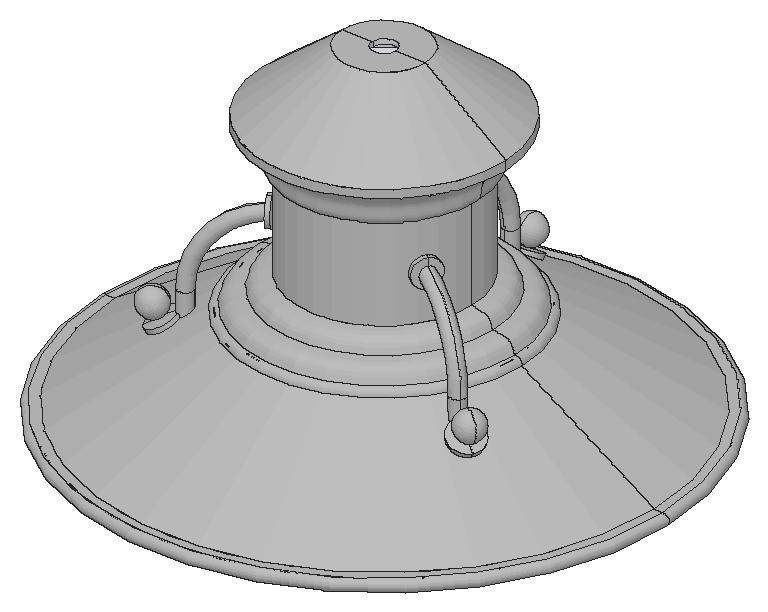
Revit family "MCA12 SHADE", category Lighting Fixtures, Revit 2024
Family settings
  Round Connector Dimension = Use Diameter
  Part Type = Normal
  OmniClass Number = 23.80.70.00
  OmniClass Title = Lighting
  Work Plane-Based = No
  Always vertical = Yes
  Cut with Voids When Loaded = No
  Light Source = Yes
  Maintain Annotation Orientation = No
  Shared = No
  Room Calculation Point = No
Parameters
  Wattage = 12.1178 W
  built-in parameter 1150110 = 1 (stored number, unit not read)
  built-in parameter 1114217 = 1 (stored number, unit not read)
  built-in parameter 1150109 = 1 (stored number, unit not read)
  built-in parameter 1150134 = (empty or 0)
  built-in parameter 1150113 = 1 (stored number, unit not read)
  Lumens = 1800 lm
  built-in parameter 1150115 = 1 (stored number, unit not read)
  built-in parameter 1150105 = 572.96 (stored number, unit not read)
  Light Source Symbol Size = 2' - 0"
  built-in parameter 1150137 = (empty or 0)
  built-in parameter 1150139 = (empty or 0)
  built-in parameter 1150112 = 1 (stored number, unit not read)
  built-in parameter 1150114 = 1 (stored number, unit not read)
  built-in parameter 1150132 = 2
  built-in parameter 1150102 = (empty or 0)
  built-in parameter 1150138 = (empty or 0)
  built-in parameter 1150107 = 3000 (stored number, unit not read)
  built-in parameter 1150106 = 5.7296 (stored number, unit not read)
  built-in parameter 1150104 = 13.8 (stored number, unit not read)
  Dimming Lamp Color Temperature Shift = (empty or 0)
  Default Elevation = 0' - 0"
  Color Filter = 16777215
  built-in parameter 1114218 = 1 (stored number, unit not read)
  built-in parameter 1150133 = 10 (stored number, unit not read)
Reference planes (in)
  plane 1 "Light Source Axis (F/B)": y = 0
  plane 2: z = 0
  plane 3 "Light Source Axis (L/R)": x = 0
  plane 4 "Light Source Elevation": z = 84
Forms (in)
  Revolve 1, solid
    sketch origin (0, 0, 0) x (1, 0, 0) y (0, 0, 1)
      loop
        line (-5.75524, 84.08919) -> (-2.78816, 85.94496)
        arc (-2.78816, 85.94496) -> (-2.77967, 86.03322) -> (-2.69648, 86.00253) r 0.05597
        spline (-2.69648, 86.00253) -> (-2.65361, 86.12562) -> (-2.62104, 86.20464) -> (-2.59754, 86.24873) -> (-2.58089, 86.27064) -> (-2.56316, 86.28719) -> (-2.5442, 86.30043) -> (-2.52011, 86.31225) -> (-2.48598, 86.32373) -> (-2.43843, 86.33475) -> (-2.38162, 86.34427) -> (-2.32832, 86.3507) -> (-2.29376, 86.35283)
        line (-2.29376, 86.35283) -> (-2.20512, 86.41606)
        spline (-2.20512, 86.41606) -> (-2.1832, 86.47481) -> (-2.16387, 86.51751) -> (-2.14711, 86.54658) -> (-2.13252, 86.56569) -> (-2.11805, 86.5798) -> (-2.10015, 86.5933) -> (-2.07951, 86.60579) -> (-2.05381, 86.61773) -> (-2.01923, 86.6298) -> (-1.97304, 86.64197) -> (-1.91291, 86.65405) -> (-1.83689, 86.66601)
        line (-1.83689, 86.66601) -> (-1.75618, 86.67631) -> (-1.75618, 88.73545) -> (-1.84993, 88.8292)
        spline (-1.84993, 88.8292) -> (-1.92132, 88.87501) -> (-1.93736, 88.95061) -> (-1.94573, 89.02951) -> (-1.95858, 89.10177) -> (-1.98043, 89.16637) -> (-2.01366, 89.2288) -> (-2.05381, 89.28787) -> (-2.09716, 89.34221) -> (-2.14446, 89.39355) -> (-2.20221, 89.4445) -> (-2.28919, 89.50535) -> (-2.45786, 89.61272)
        line (-2.45786, 89.61272) -> (-2.45786, 89.67776) -> (-0.84547, 90.90625) -> (-0.25, 90.90625) -> (-0.25, 91) -> (-0.87711, 91) -> (-2.55161, 89.7242) -> (-2.55161, 89.55042)
        spline (-2.55161, 89.55042) -> (-2.37344, 89.44351) -> (-2.28718, 89.38662) -> (-2.23353, 89.34177) -> (-2.18766, 89.29451) -> (-2.14489, 89.24372) -> (-2.10576, 89.18928) -> (-2.07534, 89.13584) -> (-2.05596, 89.08311) -> (-2.0427, 89.01813) -> (-2.03209, 88.93809) -> (-2.00561, 88.83318) -> (-1.84993, 88.73545)
        line (-1.84993, 88.73545) -> (-1.84993, 86.75884)
        spline (-1.84993, 86.75884) -> (-1.92927, 86.74637) -> (-1.99405, 86.73333) -> (-2.04654, 86.7195) -> (-2.089, 86.70463) -> (-2.12369, 86.68848) -> (-2.15288, 86.67082) -> (-2.17875, 86.65125) -> (-2.20258, 86.62799) -> (-2.22519, 86.59846) -> (-2.24739, 86.56011) -> (-2.26998, 86.51034) -> (-2.29376, 86.44658)
        spline (-2.29376, 86.44658) -> (-2.33366, 86.44435) -> (-2.38687, 86.43822) -> (-2.44454, 86.42901) -> (-2.4979, 86.41757) -> (-2.54205, 86.40423) -> (-2.57839, 86.38857) -> (-2.60892, 86.37011) -> (-2.63563, 86.34833) -> (-2.66057, 86.32165) -> (-2.68622, 86.28308) -> (-2.71513, 86.22394) -> (-2.7499, 86.13554)
        arc (-2.7499, 86.13554) -> (-2.85577, 86.09169) -> (-2.89962, 85.98582) r 0.14972
        line (-2.89962, 85.98582) -> (-5.67493, 84.25) -> (-5.875, 84.25)
        arc (-5.875, 84.25) -> (-5.97525, 84.05034) -> (-5.75524, 84.08919) r 0.125
      axis (0, 91) -> (0, 84.08919)
    angle from 0 to 360
  Revolve 2, solid, not visible
    sketch origin (0, 0, 0) x (1, 0, 0) y (0, 0, 1)
      loop
        line (-2.99192, 88.09279) -> (-2.89556, 88.09279) -> (-2.89556, 88.38477) -> (-2.99192, 88.38477) -> (-2.99192, 88.09279)
      axis (-2.89556, 88.09279) -> (-2.99192, 88.09279)
    angle from 0 to 360
  Sweep 3, solid, not visible
    path origin (0, 0, 0) x (1, 0, 0) y (0, 0, 1)
      loop
        arc (-2.97158, 88.08519) -> (-3.96217, 87.55604) -> (-4.35786, 86.505) r 1.59375
        line (-4.35786, 86.505) -> (-4.35786, 85.3018)
    profile origin (-3.96217, 0, 87.55604) x (0.751723, 0, -0.659479) y (0, -1, 0)
      loop
        circle (0, 0) r 0.15625
  Revolve 4, solid, not visible
    sketch origin (0, 0, 0) x (1, 0, 0) y (0, 0, 1)
      loop
        line (-4.84702, 85.01395) -> (-4.61007, 85.21882) -> (-4.67548, 85.29447) -> (-5.07238, 85.7535)
        arc (-5.07238, 85.7535) -> (-5.11657, 85.32649) -> (-4.68956, 85.2823) r 0.30356
        line (-4.68956, 85.2823) -> (-4.91791, 85.08485) -> (-4.84702, 85.01395)
      axis (-4.61007, 85.21882) -> (-5.07238, 85.7535)
    angle from 0 to 360
  Revolve 5, solid
    sketch origin (0, -1.03769, -0.35731) x (0, -1, 0) y (0, 0, 1)
      loop
        line (-2.99192, 88.09279) -> (-2.89556, 88.09279) -> (-2.89556, 88.38477) -> (-2.99192, 88.38477) -> (-2.99192, 88.09279)
      axis (-2.89556, 88.09279) -> (-2.99192, 88.09279)
    angle from 0 to 360
  Sweep 6, solid
    path origin (0, -1.03769, -0.35731) x (0, -1, 0) y (0, 0, 1)
      loop
        arc (-2.97158, 88.08519) -> (-3.96217, 87.55604) -> (-4.35786, 86.505) r 1.59375
        line (-4.35786, 86.505) -> (-4.35786, 85.94251)
    profile origin (0, 2.92448, 87.19874) x (0, -0.751723, -0.659479) y (-1, 0, 0)
      loop
        circle (0, 0) r 0.15625
  Revolve 7, solid
    sketch origin (0, 0, 0) x (0, -1, 0) y (0, 0, 1)
      loop
        line (-3.96322, 85.32059) -> (-3.666, 85.50649) -> (-4.01206, 86.11825)
        arc (-4.01206, 86.11825) -> (-4.12623, 85.7228) -> (-3.7413, 85.57707) r 0.30356
        line (-3.7413, 85.57707) -> (-4.01856, 85.39962) -> (-3.96322, 85.32059)
      axis (-3.65839, 85.49303) -> (-4.01206, 86.11825)
    angle from 0 to 360
  Revolve 8, solid
    sketch origin (-0.89867, 0.51885, -0.35731) x (-0.866025, 0.5, 0) y (0, 0, 1)
      loop
        line (-2.99192, 88.09279) -> (-2.89556, 88.09279) -> (-2.89556, 88.38477) -> (-2.99192, 88.38477) -> (-2.99192, 88.09279)
      axis (-2.89556, 88.09279) -> (-2.99192, 88.09279)
    angle from 0 to 360
  Sweep 9, solid
    path origin (-0.89867, 0.51885, -0.35731) x (-0.866025, 0.5, 0) y (0, 0, 1)
      loop
        arc (-2.97158, 88.08519) -> (-3.96217, 87.55604) -> (-4.35786, 86.505) r 1.59375
        line (-4.35786, 86.505) -> (-4.35786, 85.94251)
    profile origin (2.53267, -1.46224, 87.19874) x (-0.651011, 0.375862, -0.659479) y (0.5, 0.866025, 0)
      loop
        circle (0, 0) r 0.15625
  Revolve 10, solid
    sketch origin (0, 0, 0) x (-0.866025, 0.5, 0) y (0, 0, 1)
      loop
        line (-3.96322, 85.32059) -> (-3.666, 85.50649) -> (-4.01206, 86.11825)
        arc (-4.01206, 86.11825) -> (-4.12623, 85.7228) -> (-3.7413, 85.57707) r 0.30356
        line (-3.7413, 85.57707) -> (-4.01856, 85.39962) -> (-3.96322, 85.32059)
      axis (-3.65839, 85.49303) -> (-4.01206, 86.11825)
    angle from 0 to 360
  Revolve 11, solid
    sketch origin (0.89867, 0.51885, -0.35731) x (0.866025, 0.5, 0) y (0, 0, 1)
      loop
        line (-2.99192, 88.09279) -> (-2.89556, 88.09279) -> (-2.89556, 88.38477) -> (-2.99192, 88.38477) -> (-2.99192, 88.09279)
      axis (-2.89556, 88.09279) -> (-2.99192, 88.09279)
    angle from 0 to 360
  Sweep 12, solid
    path origin (0.89867, 0.51885, -0.35731) x (0.866025, 0.5, 0) y (0, 0, 1)
      loop
        arc (-2.97158, 88.08519) -> (-3.96217, 87.55604) -> (-4.35786, 86.505) r 1.59375
        line (-4.35786, 86.505) -> (-4.35786, 85.94251)
    profile origin (-2.53267, -1.46224, 87.19874) x (0.651011, 0.375862, -0.659479) y (0.5, -0.866025, 0)
      loop
        circle (0, 0) r 0.15625
  Revolve 13, solid
    sketch origin (0, 0, 0) x (0.866025, 0.5, 0) y (0, 0, 1)
      loop
        line (-3.96322, 85.32059) -> (-3.666, 85.50649) -> (-4.01206, 86.11825)
        arc (-4.01206, 86.11825) -> (-4.12623, 85.7228) -> (-3.7413, 85.57707) r 0.30356
        line (-3.7413, 85.57707) -> (-4.01856, 85.39962) -> (-3.96322, 85.32059)
      axis (-3.65839, 85.49303) -> (-4.01206, 86.11825)
    angle from 0 to 360
Dimensions and locks (in)
  aligned and locked: plane 3 "Light Source Axis (L/R)" to imposter light
  aligned and locked: plane 1 "Light Source Axis (F/B)" to imposter light
  aligned and locked: plane 4 "Light Source Elevation" to imposter light
  aligned and locked: level to plane 2
